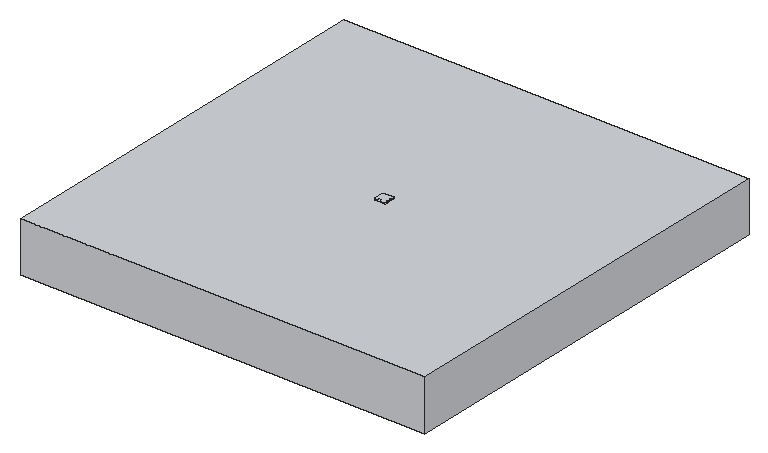
Revit family "Gira_010500", category Allgemeines Modell, Revit 2017
Family settings
  Basisbauteil = Fläche
  Kann Basisbauteil für Bewehrung sein = Nein
  Bemaßung runder Anschluss = Durchmesser verwenden
  Teiletyp = Normal
  Beim Laden mit Abzugskörper schneiden = Nein
  Gemeinsam genutzt = Nein
  Raumberechnungspunkt = Nein
Parameters
  With mounting plate = no
  With lighting = no
  Wiring system = "Series switch"
  Washing machine switch = no
  Default Elevation = 1219.2 mm
  URL = "https://www.gira.de/"
  Typname = "Rocker sw. series sw. Insert"
  Type of load = "Other"
  Type of lighting = "Glow lamp"
  Type of fastening = "Mounting with claw and screw"
  Transparent = no
  Surface protection = "Other"
  Suitable for degree of protection (IP) = "IP20"
  Substation input = no
  Serial dimmer = no
  Rated current = 10 A
  Push button switch = no
  Productwebsite = "http://katalog.gira.de/en/datenblatt.html?artikelnr=010500"
  Number of rockers = 2
  Number of modules (module system) = 1
  Nominal voltage [Volt] 1 = "[230:230]"
  Nominal voltage [Volt] = 250
  Mounting method = "Flush mounted (plaster)"
  Model = "Single push button"
  Method of operation = "Rocker/button"
  Material quality = "Other"
  Material = "Other"
  Light value memory = no
  Label space/information surface 3 = "No"
  Label space/information surface 2 = "No"
  Label space/information surface 1 = "No"
  Label space/information surface = no
  Imprint = "None"
  Illumination = "No"
  Hersteller = "Gira"
  Halogen free = no
  HAN = "010500"
  GTIN = "4010337105008"
  Function lighting = "Illuminated (on)"
  Frequency [Hz] = "[50:60]"
  Feedback-signal contact = no
  Dimming phase cut-on = no
  Dimming phase cut-off = no
  Data sheet = "https://katalog.gira.de/en/download.html?artikelnr=010500"
  Contacts = "1 make contact (NO)"
  Connection type = "Plug clamp"
  Colour = "Other"
  Beschreibung = "Rock.sw.series sw. Ins.,Rocker switch insert 10 AX 250 V~,,Series switch,"
  BIM = "https://media.stage.bim.site/public/gira/ad86d9f/Einsatz_1fach.rfa"
  Assembly arrangement = "Basic element"
  Applicable with transmission button = no
  Applicable with time switch/timer = no
  Applicable with presence indicator = no
  Applicable with movement sensor = no
  Applicable with infrared button = no
  Applicable with button = yes
  App control via Bluetooth = no
Reference planes
  plane 1 "Center (Front/Back)": y = 0
  plane 2: z = 0
  plane 3 "Center (Left/Right)": x = 0
Forms (mm)
  Extrusion 1, solid
    sketch origin (0, 0, 0) x (1, 0, 0) y (0, 1, 0)
      loop
        line (-1219.2, 1219.2) -> (-1219.2, -1219.2) -> (1219.2, -1219.2) -> (1219.2, 1219.2) -> (-1219.2, 1219.2)
    from 0 to -304.8
  Extrusion 2, solid, detail levels fine
    sketch origin (0, 0, 0) x (1, 0, 0) y (0, 1, 0)
      loop
        line (27.475, 35.475) -> (-27.475, 35.475)
        arc (-27.475, 35.475) -> (-33.132, 33.132) -> (-35.475, 27.475) r 8
        line (-35.475, 27.475) -> (-35.475, -27.475)
        arc (-35.475, -27.475) -> (-33.132, -33.132) -> (-27.475, -35.475) r 8
        line (-27.475, -35.475) -> (27.475, -35.475)
        arc (27.475, -35.475) -> (33.132, -33.132) -> (35.475, -27.475) r 8
        line (35.475, -27.475) -> (35.475, 27.475)
        arc (35.475, 27.475) -> (33.132, 33.132) -> (27.475, 35.475) r 8
    from 0 to 1.8
  Extrusion 3, solid, detail levels fine
    sketch origin (0, 0, 0) x (1, 0, 0) y (0, 1, 0)
      loop
        line (9.678, 25.4) -> (-9.678, 25.4)
        arc (-9.678, 25.4) -> (-12.885, 24.922) -> (-15.814, 23.53) r 11
        arc (-15.814, 23.53) -> (-17.795, 22.07) -> (-19.641, 20.444) r 28.35
        arc (-19.641, 20.444) -> (-21.339, 18.665) -> (-22.876, 16.745) r 28.35
        arc (-22.876, 16.745) -> (-24.456, 13.666) -> (-25, 10.248) r 11
        line (-25, 10.248) -> (-25, -10.248)
        arc (-25, -10.248) -> (-24.456, -13.666) -> (-22.876, -16.745) r 11
        arc (-22.876, -16.745) -> (-20.409, -19.677) -> (-17.569, -22.25) r 28.35
        line (-17.569, -22.25) -> (17.569, -22.25)
        arc (17.569, -22.25) -> (20.409, -19.677) -> (22.876, -16.745) r 28.35
        arc (22.876, -16.745) -> (24.456, -13.666) -> (25, -10.248) r 11
        line (25, -10.248) -> (25, 10.248)
        arc (25, 10.248) -> (24.456, 13.666) -> (22.876, 16.745) r 11
        arc (22.876, 16.745) -> (21.593, 18.37) -> (20.195, 19.897) r 28.35
        arc (20.195, 19.897) -> (18.096, 21.823) -> (15.814, 23.53) r 28.35
        arc (15.814, 23.53) -> (12.885, 24.922) -> (9.678, 25.4) r 11
    from 0 to -22
  Extrusion 4, solid, detail levels medium
    sketch origin (0, 0, 0) x (1, 0, 0) y (0, 1, 0)
      loop
        line (-25, 25.4) -> (-25, -22.25) -> (25, -22.25) -> (25, 25.4) -> (-25, 25.4)
    from 0 to -22
  Extrusion 5, solid, detail levels coarse
    sketch origin (0, 0, 0) x (1, 0, 0) y (0, 1, 0)
      loop
        line (35.475, 35.475) -> (-35.475, 35.475) -> (-35.475, -35.475) -> (35.475, -35.475) -> (35.475, 35.475)
    from -22 to 1.8
  Extrusion 6, solid, detail levels medium
    sketch origin (0, 0, 0) x (1, 0, 0) y (0, 1, 0)
      loop
        line (35.475, 35.475) -> (-35.475, 35.475) -> (-35.475, -35.475) -> (35.475, -35.475) -> (35.475, 35.475)
    from 0 to 1.8
Dimensions and locks
  aligned and locked: plane 2 to Extrusion 1
  aligned and locked: level to Extrusion 1
Connectors
  electrical at (0, 0, -22)
    settings: on Extrusion 5, index 1, voltage 220 V, apparent load 0 VA, apparent load phase1 0 VA, apparent load phase2 0 VA, apparent load phase3 0 VA, power factor 1, load classification "Other", number of poles 1, system type 30, power factor state 1, is connector primary yes, connector utility no, sub classification motor no, connector description ""
